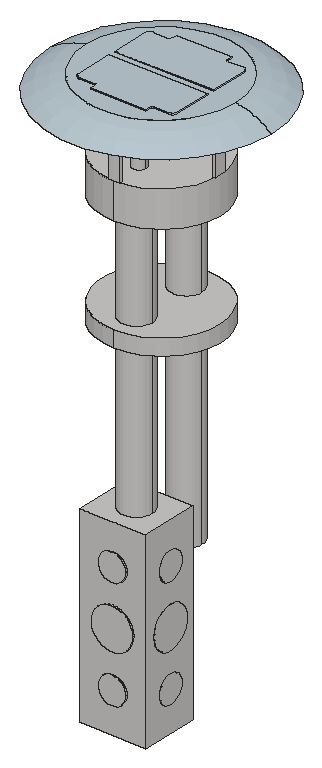
Revit family "Electrical_Equipment-Poke_Through-Hubbell_Wiring-System_One-S1PT", category Electrical Fixtures, host Face, Revit 2015
Parameters (values of type "FIT")
  Voltage = 120 V
  URL = "http://www.hubbell-wiring.com/"
  Subplate = Subplate : S1SP4X4
  Product data url = "https://bimobject.com/hubbellwiring/product/systemone-s1ptfit"
  Product Page URL = "http://ecatalog.hubbell-wiring.com/ProductInformation/ViewCatalog.aspx?Dest=hubbell-wiring.com/press/catalog/m.pdf"
  Product Documentation Link = "http://ecatalog.hubbell-wiring.com/ProductInformation/ViewCatalog.aspx?Dest=hubbell-wiring.com/press/catalog/m.pdf"
  Power Factor = 1
  Poke Through = Poke Through FIT : 6Plug
  Number of Poles = 1
  Model = "S1PT"
  Manufacturer = "Hubbell-Wiring"  # constant formula
  Load Classification = Power
  Junction Box Vertical = 1' - 1.04"
  Junction Box Horizontal = 0' - 1.12908"
  Hardware Material = Metal-Hubbell-Steel
  Electrical Connector Description = "Power Connector"
  Description = "System One - 4\" Poke Through"
  Default Elevation = 0' - 0"
  Cover Material = Metal-Hubbell-Aluminum
  Conduit Connector 4 Description = ""
  Conduit Connector 3 Description = "Conduit Connector 3"
  Conduit Connector 2 Description = "Conduit Connector 2"
  Conduit Connector 1 Description = "Conduit Connector 1"
  Assembly Code = "D5020115"
  Apparent Load = 4800 VA
Reference planes (in)
  plane 1 "Center (Front/Back)": y = 0
  plane 2: z = 0
  plane 3 "Center (Left/Right)": x = 0
  plane 4: z = -13.04
  plane 5: y = -1.12908
Forms (in)
  Extrusion 1, solid, detail levels coarse
    sketch origin (0, 0, 0) x (1, 0, 0) y (0, 1, 0)
      loop
        circle (0, 0) r 4
    from 0.29672 to -20.19
Lines and regions (in)
  symbolic lines
    curve 1: circle (0, 0, 0) r 4 normal (0, 0, 1)
  symbolic lines, detail levels coarse
    curve 2: line (0, 3.75, 0.57962) -> (0, 3.75, -20.19)
    curve 3: line (0, 3.75, 0.57962) -> (0, -3.75, 0.57962)
    curve 4: line (0, -3.75, -20.19) -> (0, 3.75, -20.19)
    curve 5: line (0, -3.75, 0.57962) -> (0, -3.75, -20.19)
    curve 6: line (4, 0, 0.29672) -> (-4, 0, 0.29672)
    curve 7: line (4, 0, -20.19) -> (4, 0, 0.29672)
    curve 8: line (-4, 0, -20.19) -> (4, 0, -20.19)
    curve 9: line (-4, 0, 0.29672) -> (-4, 0, -20.19)
Dimensions and locks (in)
  "Junction Box Vertical": plane 4 to level
  "Junction Box Horizontal": plane 5 to plane 1 "Center (Front/Back)"
  aligned and locked: host face to plane 2
  aligned and locked: host face to level
  aligned and locked: Extrusion 1 sketch curve to curve 1
  aligned and locked: Extrusion 1 to curve 4
  aligned and locked: curve 6 to Extrusion 1
  aligned and locked: curve 7 to Extrusion 1
  aligned and locked: curve 8 to Extrusion 1
  aligned and locked: curve 9 to Extrusion 1
  aligned and locked: level to nested 1
  aligned and locked: nested 2 to plane 4
  aligned and locked: level to nested 3
  aligned and locked: plane 1 "Center (Front/Back)" to nested 1
  aligned and locked: nested 1 to plane 3 "Center (Left/Right)"
  aligned and locked: nested 3 to plane 3 "Center (Left/Right)"
  aligned and locked: nested 2 to nested 3
  aligned and locked: plane 1 "Center (Front/Back)" to nested 3
Automatic sketch dimensions
  plane 1 "Center (Front/Back)" to curve 1 = 0' - 0"
  curve 1 to plane 3 "Center (Left/Right)" = 0' - 0"
  plane 1 "Center (Front/Back)" to curve 5 = 0' - 3 3/4"
  host sketch curve to host sketch curve = 8' - 0"
  host sketch curve to host sketch curve = 5' - 8.04774"
  curve 4 to plane 1 "Center (Front/Back)" = 0' - 3 3/4"
  level to curve 3 = 0' - 0.57962"
  radius of curve 1 = 0' - 4"
Nested families (in)
  nested 1: "Poke Through Cover" at (0, 0, 0) x (0, -1, 0) z (0, 0, 1), type "6Cover", detail levels medium+fine
  nested 2: "Junction Box" at (0, -1.12908, -13.04), type "JunctionBox", detail levels medium+fine
  nested 3: "Poke Through FIT" at (0, 0, 0) x (0, -1, 0) z (0, 0, 1), type <- "Poke Through", type "6Plug", detail levels medium+fine
Connectors (in)
  cabletrayconduit at (0, -2.22874, -16.515), diameter 24, driven by "Conduit Connector 1 Description"
    settings: on nested 2, index 1, connector width 1' - 0", connector height 1' - 0", connector angle 0.00°, system type 32, placement type 1, profile type 0, connector reference index -1, is primary connector yes, connector utility param no, connector description "Conduit Connector 1"
  cabletrayconduit at (1.23966, -1.12908, -16.515), diameter 24, driven by "Conduit Connector 2 Description"
    settings: on nested 2, index 2, connector width 1' - 0", connector height 1' - 0", connector angle 0.00°, system type 32, placement type 1, profile type 0, connector reference index -1, is primary connector no, connector utility param no, connector description "Conduit Connector 2"
  cabletrayconduit at (0, -0.02943, -16.515), diameter 24, driven by "Conduit Connector 3 Description"
    settings: on nested 2, index 3, connector width 1' - 0", connector height 1' - 0", connector angle 0.00°, system type 32, placement type 1, profile type 0, connector reference index -1, is primary connector no, connector utility param no, connector description "Conduit Connector 3"
  electrical at (0, -1.12908, -19.99), driven by "Number of Poles", driven by "Load Classification", driven by "Voltage", driven by "Electrical Connector Description", driven by "Power Factor", driven by "Apparent Load"
    settings: on nested 2, index 7, voltage 120 V, apparent load 4800 VA, apparent load phase1 0 VA, apparent load phase2 0 VA, apparent load phase3 0 VA, power factor 1, load classification "Power", number of poles 1, system type 30, power factor state 1, is connector primary yes, connector utility no, sub classification motor no, connector description "Power Connector"
  cabletrayconduit at (0, 1.12908, -15.04), diameter 24, driven by "Conduit Connector 4 Description"
    settings: on nested 3, index 8, connector width 1' - 0", connector height 1' - 0", connector angle 0.00°, system type 32, placement type 1, profile type 0, connector reference index -1, is primary connector no, connector utility param no, connector description ""
Definition of nested family "Poke Through Cover"
  Parameters
    Cover Material = none
    Assembly Code = ""
  Reference planes (in)
    plane 1 "Center (Front/Back)": y = 0
    plane 2: z = 0
    plane 3 "Center (Left/Right)": x = 0
    plane 4: z = -1.15491
    plane 5: z = 0.55
    plane 6: y = 3.45
  Forms (in)
    Revolve 1, solid, material <- "Cover Material", detail levels medium+fine
      sketch origin (0, 0, 0) x (0, 1, 0) y (0, 0, 1)
        loop
          arc (4, 0) -> (3.39097, 0.35613) -> (2.71262, 0.55) r 2.82079
          line (2.71262, 0.55) -> (2.71262, -0.5) -> (2.83302, -0.5) -> (2.83302, 0) -> (4, 0)
        axis (0, 0.55) -> (0, -0.5)
      angle from 0 to 360
    Extrusion 2, solid, material <- "Cover Material", detail levels medium+fine
      sketch origin (0, 0, 0) x (1, 0, 0) y (0, 1, 0)
        loop
          circle (0, 0) r 2.71262
      from 0 to 0.55
    Extrusion 3, solid, material <- "Cover Material", detail levels medium+fine
      sketch origin (0, 0, 0) x (1, 0, 0) y (0, 1, 0)
        loop
          arc (-1.68265, 1.06374) -> (-1.70167, 1.01867) -> (-1.74674, 0.99993) r 0.06374
          line (-1.74674, 0.99993) -> (-1.953, 0.99993) -> (-1.953, -1) -> (-1.74674, -1)
          arc (-1.74674, -1) -> (-1.70167, -1.01867) -> (-1.683, -1.06374) r 0.06374
          line (-1.683, -1.06374) -> (-1.68265, -1.61444)
          arc (-1.68265, -1.61444) -> (-1.63367, -1.73808) -> (-1.51331, -1.79465) r 0.18056
          line (-1.51331, -1.79465) -> (-0.133, -1.79465) -> (-0.133, 1.795) -> (-1.50209, 1.795)
          arc (-1.50209, 1.795) -> (-1.62977, 1.74211) -> (-1.68265, 1.61444) r 0.18056
          line (-1.68265, 1.61444) -> (-1.68265, 1.06374)
      from 0.55 to 0.57962
    Extrusion 4, solid, material <- "Cover Material", detail levels medium+fine
      sketch origin (0, 0, 0) x (-1, 0, 0) y (0, -1, 0)
        loop
          line (-1.68265, -1.06374) -> (-1.68265, -1.61444)
          arc (-1.68265, -1.61444) -> (-1.62977, -1.74211) -> (-1.50209, -1.795) r 0.18056
          line (-1.50209, -1.795) -> (-0.133, -1.795) -> (-0.133, 1.79465) -> (-1.51331, 1.79465)
          arc (-1.51331, 1.79465) -> (-1.63367, 1.73808) -> (-1.68265, 1.61444) r 0.18056
          line (-1.68265, 1.61444) -> (-1.683, 1.06374)
          arc (-1.683, 1.06374) -> (-1.70167, 1.01867) -> (-1.74674, 1) r 0.06374
          line (-1.74674, 1) -> (-1.953, 1) -> (-1.953, -0.99993) -> (-1.74674, -0.99993)
          arc (-1.74674, -0.99993) -> (-1.70167, -1.01867) -> (-1.68265, -1.06374) r 0.06374
      from 0.55 to 0.57962
  Cuts and joins
    joined: Revolve 1, Extrusion 2
  Lines and regions (in)
    Masking region 1
      outline origin (0, 0, 0) x (1, 0, 0) y (0, 1, 0)
        loop
          circle (0, 0) r 4
    symbolic lines, detail levels medium+fine
      curve 1: circle (0, 0, 0) r 2.71262 normal (0, 0, 1)
    symbolic lines, detail levels fine
      curve 2: line (-1.68265, 1.61444, 0) -> (-1.68265, 1.06374, 0)
      curve 3: arc (-1.683, 1.06374, 0) -> (-1.70167, 1.01867, 0) -> (-1.74674, 1, 0) r 0.06374
      curve 4: line (-1.74674, 0.99993, 0) -> (-1.953, 0.99993, 0)
      curve 5: line (-1.953, 0.99993, 0) -> (-1.953, -1, 0)
      curve 6: line (-1.953, -1, 0) -> (-1.74674, -1, 0)
      curve 7: arc (-1.74674, -1, 0) -> (-1.70167, -1.01867, 0) -> (-1.683, -1.06374, 0) r 0.06374
      curve 8: line (-1.683, -1.06374, 0) -> (-1.683, -1.61444, 0)
      curve 9: arc (-1.68265, -1.61444, 0) -> (-1.63367, -1.73808, 0) -> (-1.51331, -1.79465, 0) r 0.18056
      curve 10: line (-1.51331, -1.79465, 0) -> (-0.133, -1.79465, 0)
      curve 11: line (-0.133, -1.79465, 0) -> (-0.133, 1.795, 0)
      curve 12: line (-0.133, 1.795, 0) -> (-1.50209, 1.795, 0)
      curve 13: arc (-1.50209, 1.795, 0) -> (-1.62977, 1.74211, 0) -> (-1.68265, 1.61444, 0) r 0.18056
      curve 14: line (1.50209, 1.795, 0) -> (0.133, 1.795, 0)
      curve 15: line (0.133, 1.795, 0) -> (0.133, -1.79465, 0)
      curve 16: line (0.133, -1.79465, 0) -> (1.51331, -1.79465, 0)
      curve 17: arc (1.51331, -1.79465, 0) -> (1.63367, -1.73808, 0) -> (1.68265, -1.61444, 0) r 0.18056
      curve 18: line (1.683, -1.61444, 0) -> (1.683, -1.06374, 0)
      curve 19: arc (1.683, -1.06374, 0) -> (1.70167, -1.01867, 0) -> (1.74674, -1, 0) r 0.06374
      curve 20: line (1.74674, -1, 0) -> (1.953, -1, 0)
      curve 21: line (1.953, -1, 0) -> (1.953, 0.99993, 0)
      curve 22: line (1.953, 0.99993, 0) -> (1.74674, 0.99993, 0)
      curve 23: arc (1.74674, 1, 0) -> (1.70167, 1.01867, 0) -> (1.683, 1.06374, 0) r 0.06374
      curve 24: line (1.68265, 1.06374, 0) -> (1.68265, 1.61444, 0)
      curve 25: arc (1.68265, 1.61444, 0) -> (1.62977, 1.74211, 0) -> (1.50209, 1.795, 0) r 0.18056
  Dimensions and locks (in)
    plane 5 to level = 0' - 0.55"
    aligned and locked: plane 2 to level
    aligned and locked: Masking region 1 sketch curve to cut or joined group of Revolve 1, Extrusion 2
Definition of nested family "Junction Box"
  Parameters
    Hardware Material = none
    Assembly Code = ""
  Reference planes (in)
    plane 1 "Center (Front/Back)": y = 0
    plane 2: z = 0
    plane 3 "Center (Left/Right)": x = 0
  Forms (in)
    Extrusion 1, solid, material <- "Hardware Material", detail levels medium+fine
      sketch origin (0.63008, -7.06277, -6.95) x (1, 0, 0) y (0, 1, 0)
        loop
          line (-1.83508, 5.99777) -> (0.57492, 5.99777) -> (0.57492, 8.12777) -> (-1.83508, 8.12777) -> (-1.83508, 5.99777)
      from 0 to 6.95
    Extrusion 2, solid, material <- "Hardware Material", detail levels medium+fine
      sketch origin (0, 0, 0.06788) x (1, 0, 0) y (0, 0, 1)
        loop
          circle (0, -1.54288) r 0.5
        loop
          circle (0, -3.54288) r 0.75
        loop
          circle (0, -5.54288) r 0.5
      from 1.065 to 1.09966
    Extrusion 3, solid, material <- "Hardware Material", detail levels medium+fine
      sketch origin (0, 0, 0.06788) x (-1, 0, 0) y (0, 0, 1)
        loop
          circle (0, -1.54288) r 0.5
        loop
          circle (0, -3.54288) r 0.75
        loop
          circle (0, -5.54288) r 0.5
      from 1.065 to 1.09966
    Extrusion 4, solid, material <- "Hardware Material", detail levels medium+fine
      sketch origin (0.14, 0, 0.06788) x (0, 1, 0) y (0, 0, 1)
        loop
          circle (0, -1.54288) r 0.5
        loop
          circle (0, -3.54288) r 0.75
        loop
          circle (0, -5.54288) r 0.5
      from 1.065 to 1.09966
  Dimensions and locks (in)
    aligned and locked: plane 2 to level
Definition of nested family "Poke Through FIT"
  Parameters
    Hardware Material = none
    Assembly Code = ""
  Reference planes (in)
    plane 1 "Center (Front/Back)": y = 0
    plane 2: z = 0
    plane 3 "Center (Left/Right)": x = 0
    plane 4: z = 0.55
    plane 5: z = -3.31
    plane 6: z = -6.84125
    plane 7: z = -7.435
    plane 8: z = -13.04
    plane 9: z = -15.04
    plane 10: x = -2.14471
    plane 11: x = 2.14471
    plane 12: z = -1.9975
    plane 13: x = -1.70721
    plane 14: x = 1.70721
    plane 15: x = 1.12908
  Forms (in)
    Extrusion 1, solid, material <- "Hardware Material", detail levels medium+fine
      sketch origin (0, 0, -1.75) x (1, 0, 0) y (0, 1, 0)
        loop
          circle (0, 0) r 2.14683
      from -1.56 to -0.2475
    Extrusion 2, solid, material <- "Hardware Material", detail levels medium+fine
      sketch origin (0, 0, 0) x (1, 0, 0) y (0, 1, 0)
        loop
          circle (-1, 0) r 0.25
        loop
          circle (1, 0) r 0.25
        loop
          line (-0.20471, 2.13705) -> (-0.20471, 2.04182)
          arc (-0.20471, 2.04182) -> (0, 2.05265) -> (0.20471, 2.04182) r 1.94
          line (0.20471, 2.04182) -> (0.20471, 2.13705)
          arc (0.20471, 2.13705) -> (0, 2.14683) -> (-0.20471, 2.13705) r 2.14683
        loop
          line (2.136, 0.20471) -> (2.04182, 0.20471)
          arc (2.04182, 0.20471) -> (2.05265, 0) -> (2.04182, -0.20471) r 1.94
          line (2.04182, -0.20471) -> (2.136, -0.20471)
          arc (2.136, -0.20471) -> (2.14683, 0) -> (2.136, 0.20471) r 1.94
        loop
          line (0.20471, -2.136) -> (0.20471, -2.04182)
          arc (0.20471, -2.04182) -> (0, -2.05265) -> (-0.20471, -2.04182) r 1.94
          line (-0.20471, -2.04182) -> (-0.20471, -2.136)
          arc (-0.20471, -2.136) -> (0, -2.14683) -> (0.20471, -2.136) r 1.94
        loop
          line (-2.136, -0.20471) -> (-2.04182, -0.20471)
          arc (-2.04182, -0.20471) -> (-2.05265, 0) -> (-2.04182, 0.20471) r 1.94
          line (-2.04182, 0.20471) -> (-2.136, 0.20471)
          arc (-2.136, 0.20471) -> (-2.14683, 0) -> (-2.136, -0.20471) r 1.94
      from -1.9975 to 0
    Extrusion 3, solid, material <- "Hardware Material", detail levels medium+fine
      sketch origin (0, 0, -5.625) x (1, 0, 0) y (0, 1, 0)
        loop
          circle (0, 0) r 2.14683
      from -1.81 to -1.21625
    Extrusion 4, solid, material <- "Hardware Material", detail levels medium+fine
      sketch origin (-1.12908, 0, 0) x (0, -1, 0) y (1, 0, 0)
        loop
          circle (0, 0) r 0.57813
      from -3.31 to -15.04
    Extrusion 5, solid, material <- "Hardware Material", detail levels medium+fine
      sketch origin (1.12908, 0, 0) x (0, -1, 0) y (1, 0, 0)
        loop
          circle (0, 0) r 0.57813
      from -3.31 to -13.04
  Cuts and joins
    joined: Extrusion 3, Extrusion 4, Extrusion 5
  Dimensions and locks (in)
    aligned and locked: plane 2 to level
    aligned and locked: Extrusion 4 to plane 9
    aligned and locked: Extrusion 5 to plane 8
    aligned and locked: Extrusion 3 to plane 7
    aligned and locked: plane 6 to Extrusion 3
    aligned and locked: plane 5 to Extrusion 5
    aligned and locked: Extrusion 5 to Extrusion 4
    aligned and locked: Extrusion 1 to plane 5
    aligned and locked: plane 12 to Extrusion 1
    aligned and locked: Extrusion 2 to Extrusion 1
